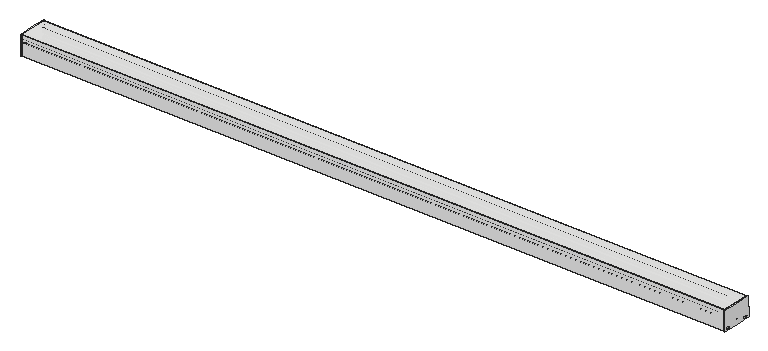
Revit family "S4930 updated", category Lighting Fixtures, host Face, Revit 2020
Family settings
  Host = Face
  Round Connector Dimension = Use Diameter
  Part Type = Normal
  Cut with Voids When Loaded = No
  Light Source = No
  Shared = Yes
  Room Calculation Point = No
Parameters (values of type "209 lm per FT & 3.0 W per FT- D2")
  Wattage Comments = "3W/FT"
  Warranty URL = "https://bllighting.com/terms-and-conditions/"
  W = 0.6700"
  Voltage = 24 V
  Version = "2020-v2.9"  # constant formula
  URL = "https://bllighting.com/"
  Support Phone = ""
  Support Email = ""
  Rdwn [instance] = rounddown(L1 / Increment)  # 24
  Profile Material = Alumnium Base Track
  Product Page URL = "https://bllighting.com/products/profile/s4930"
  Product Name = Model  # "D2"
  Product Documentation Link = "https://bllighting.com/wp-content/uploads/S4930-Specification.pdf"
  Power Source Type = "Driver"  # constant formula
  Power Factor = 1
  Phase = 1
  Operating Temperature = "Consult Manufacturer Website for more Information"  # constant formula
  Number of Poles = if(and(or(Voltage = 120 V, Voltage = 277 V), Phase = 1), 1, if(and(or(Voltage = 208 V, Voltage = 240 V), Phase = 1), 2, if(and(or(Voltage = 208 V, Voltage = 240 V), Phase = 3), 3, if(and(Voltage > 300 V, Phase = 1), 2, if(and(Voltage > 400 V, Phase = 3), 3, 1)))))  # 1
  Number of LED's = "36 Diodes/FT"
  No Of Source [instance] = rounddown(Actual Light Length / Increment)  # 24
  Mounting Method = "Surface Mount"  # constant formula
  Model = "D2"
  Max Input Current = "5A"
  Manufacturer Phone Number = "1-604-874-4405"  # constant formula
  Manufacturer Email = "info@bllighting.com"
  Manufacturer Address = "111 - 8838 Heatner St. Vancouver. BC, Canada. V6P 3S8"  # constant formula
  Manufacturer = "BL Lighting"  # constant formula
  Lumen Output = "209 lm/FT"
  Load Classification = Lighting
  Light Length [instance] = 48.0000"
  Lens Material = Polycarbonate Optic
  Lead 2 End Cap [instance] = 1 = 1  # yes
  Lead 1 End Cap [instance] = 1 = 1  # yes
  Lamp Life = "50,000 Hours"
  Lamp = "SMD 3528"
  LED strip = Strip
  LED finish = LED
  LED Tape Page URL = "https://bllighting.com/products/led-tape/d2"
  LED Tape Documentation link = "https://bllighting.com/wp-content/uploads/D2-Specification.pdf"
  L1 [instance] = if(Light Length < Increment, Increment, Light Length)  # 48.0000"
  Input Voltage = "24VDC"
  Initial Intensity Comments = "Refer LED Strip type for Lumen Value"  # constant formula
  Initial Color Comments = "Perfomance based on 3000K Photometric Web File"  # constant formula
  Increment = 1.9685"
  Housing Protection Rating = "Consult Manufacturer Website for more Information"  # constant formula
  Has Dimming = 1 = 1  # yes
  Has Battery Backup = 0 = 1  # no
  Frequency Comments = ""
  Frequency = 60 Hz
  Environment = "Indoor"  # constant formula
  Description = "Flexible, Linear LED Lighting"  # constant formula
  Default Elevation = 48.0000"
  DFD6 Watts [instance] = (6 W * Actual Light Length) / 12.0000"  # 23.622 W
  DFD6 Lumens [instance] = 94 lm/W * DFD6 Watts  # 2220.47 lm
  DFD6 = no
  DFD3 Watt [instance] = (4.4 W * Actual Light Length) / 12.0000"  # 17.3228 W
  DFD3 Lumens [instance] = 98 lm/W * DFD3 Watt  # 1697.63 lm
  DFD3 = no
  DFD2 Watt [instance] = (2.44 W * Actual Light Length) / 12.0000"  # 9.60628 W
  DFD2 Lumens [instance] = 100 lm/W * DFD2 Watt  # 960.628 lm
  DFD2 = no
  D6 Watts [instance] = (5.85 W * Actual Light Length) / 12.0000"  # 23.0314 W
  D6 Lumens [instance] = 109 lm/W * D2 Watt  # 1287.4 lm
  D6 = no
  D2 Watt [instance] = (3 W * Actual Light Length) / 12.0000"  # 11.811 W
  D2 Lumens [instance] = 70 lm/W * D2 Watt  # 826.77 lm
  D2 = yes
  Current Amps = 50 A
  Copyright = "©BL INNOVATIVE LIGHTING"  # constant formula
  Color Option Available = "2400K,2700K,3000K,3500K,4000K,5500K,RED,GREEN,BLUE,AMBER"
  built-in parameter 1114216 [instance] = 0  # (empty or 0)
  built-in parameter 1140040 [instance] = 1 = 1  # 1
  CCT = "2400K,2700K,3000K,3500K,4000K,5500K,RED,GREEN,BLUE,AMBER"
  Apparent Load = 120 VA
  Actual Light Length [instance] = Rdwn * Increment  # 47.2440"
Reference planes (in)
  plane 1 "Center (Front/Back)": y = 0
  plane 2: z = 0
  plane 3 "Center (Left/Right)": x = 0
  plane 4: x = 47.244
  plane 5: x = 1.9685
  plane 6: x = 23.622
  plane 7: x = 22.6499
  plane 8: x = 24.5941
  plane 9: x = 22.122
  plane 10: x = 25.122
  plane 11: x = 8
  plane 12: x = 11
  plane 13: x = 39.244
  plane 14: x = 36.244
  plane 15: y = 0.98425
  plane 16: y = -0.98425
  plane 17: z = 1.25984
  plane 18: y = 0.5
  plane 19: y = -0.5
Forms (in)
  Sweep 1, solid, material "Alumnium Base Track" <- "Profile Material"
    path origin (0, -18.35094, 0.25062) x (1, 0, 0) y (0, 1, 0)
      loop
        line (0, 18.35094) -> (47.244, 18.35094)
    profile origin (23.622, 0, 0.25062) x (0, 1, 0) y (0, 0, 1)
      loop
        line (0.98425, -0.25062) -> (0.98425, 1.00923) -> (0.94339, 1.00923) -> (0.94339, 0.97387) -> (0.86059, 0.97387) -> (0.86059, 0.84473) -> (0.94339, 0.79692) -> (0.94339, 0.56851) -> (0.91908, 0.5442) -> (0.77354, 0.5442) -> (0.77354, 0.44962)
        arc (0.77354, 0.44962) -> (0.79331, 0.42985) -> (0.81309, 0.44962) r 0.01978
        line (0.81309, 0.44962) -> (0.81309, 0.49976) -> (0.9368, 0.49976) -> (0.9368, 0.1142) -> (0.81161, 0.1142) -> (0.81161, 0.16982)
        arc (0.81161, 0.16982) -> (0.79106, 0.18322) -> (0.77051, 0.16982) r 0.02246
        line (0.77051, 0.16982) -> (0.77051, 0.07421) -> (0.79865, 0.0545)
        arc (0.79865, 0.0545) -> (0.82121, 0.04717) -> (0.84401, 0.05372) r 0.04055
        arc (0.84401, 0.05372) -> (0.89857, 0.03914) -> (0.87838, -0.01359) r 0.038
        line (0.87838, -0.01359) -> (0, -0.01359) -> (-0.87838, -0.01359)
        arc (-0.87838, -0.01359) -> (-0.89857, 0.03914) -> (-0.84401, 0.05372) r 0.038
        arc (-0.84401, 0.05372) -> (-0.82121, 0.04717) -> (-0.79865, 0.0545) r 0.04055
        line (-0.79865, 0.0545) -> (-0.77051, 0.07421) -> (-0.77051, 0.16982)
        arc (-0.77051, 0.16982) -> (-0.79106, 0.18322) -> (-0.81161, 0.16982) r 0.02246
        line (-0.81161, 0.16982) -> (-0.81161, 0.1142) -> (-0.9368, 0.1142) -> (-0.9368, 0.49976) -> (-0.81309, 0.49976) -> (-0.81309, 0.44962)
        arc (-0.81309, 0.44962) -> (-0.79331, 0.42985) -> (-0.77354, 0.44962) r 0.01978
        line (-0.77354, 0.44962) -> (-0.77354, 0.5442) -> (-0.91908, 0.5442) -> (-0.94339, 0.56851) -> (-0.94339, 0.79692) -> (-0.86059, 0.84473) -> (-0.86059, 0.97387) -> (-0.94339, 0.97387) -> (-0.94339, 1.00923) -> (-0.98425, 1.00923) -> (-0.98425, -0.25062) -> (-0.87015, -0.25062)
        arc (-0.87015, -0.25062) -> (-0.85869, -0.21543) -> (-0.87015, -0.18024) r 0.05976
        line (-0.87015, -0.18024) -> (-0.92481, -0.18024) -> (-0.92481, -0.05434) -> (-0.53993, -0.05434) -> (-0.53993, -0.18175) -> (-0.59127, -0.18175)
        arc (-0.59127, -0.18175) -> (-0.60161, -0.21618) -> (-0.59127, -0.25062) r 0.06251
        line (-0.59127, -0.25062) -> (-0.5137, -0.25062)
        arc (-0.5137, -0.25062) -> (-0.48807, -0.24) -> (-0.47745, -0.21437) r 0.03625
        line (-0.47745, -0.21437) -> (-0.47745, -0.05434) -> (-0.35422, -0.05434) -> (-0.35422, -0.1201) -> (-0.3816, -0.14748) -> (-0.34449, -0.22706) -> (-0.25254, -0.22706)
        arc (-0.25254, -0.22706) -> (-0.23834, -0.2038) -> (-0.25254, -0.18055) r 0.02615
        line (-0.25254, -0.18055) -> (-0.3094, -0.18055) -> (-0.3094, -0.05434) -> (0, -0.05434) -> (0.3094, -0.05434) -> (0.3094, -0.18055) -> (0.25254, -0.18055)
        arc (0.25254, -0.18055) -> (0.23834, -0.2038) -> (0.25254, -0.22706) r 0.02615
        line (0.25254, -0.22706) -> (0.34449, -0.22706) -> (0.3816, -0.14748) -> (0.35422, -0.1201) -> (0.35422, -0.05434) -> (0.47745, -0.05434) -> (0.47745, -0.21437)
        arc (0.47745, -0.21437) -> (0.48807, -0.24) -> (0.5137, -0.25062) r 0.03625
        line (0.5137, -0.25062) -> (0.59127, -0.25062)
        arc (0.59127, -0.25062) -> (0.60161, -0.21618) -> (0.59127, -0.18175) r 0.06251
        line (0.59127, -0.18175) -> (0.53993, -0.18175) -> (0.53993, -0.05434) -> (0.92481, -0.05434) -> (0.92481, -0.18024) -> (0.87015, -0.18024)
        arc (0.87015, -0.18024) -> (0.85869, -0.21543) -> (0.87015, -0.25062) r 0.05976
        line (0.87015, -0.25062) -> (0.98425, -0.25062)
  Sweep 2, solid, material "Polycarbonate Optic" <- "Lens Material"
    path origin (0, -18.35094, 0.64963) x (1, 0, 0) y (0, 1, 0)
      loop
        line (0, 18.35094) -> (47.244, 18.35094)
    profile origin (23.622, 0, 0.64963) x (0, 1, 0) y (0, 0, 1)
      loop
        line (0, 0.61021) -> (-0.94339, 0.61021) -> (-0.94339, 0.57485) -> (-0.86059, 0.57485) -> (-0.86059, 0.44572) -> (-0.91407, 0.41484) -> (-0.91407, 0.38191) -> (-0.82721, 0.26235)
        arc (-0.82721, 0.26235) -> (-0.79624, 0.25744) -> (-0.79133, 0.28841) r 0.02217
        line (-0.79133, 0.28841) -> (-0.85588, 0.38781) -> (-0.81553, 0.42817) -> (-0.81553, 0.55836) -> (-0.78697, 0.57485) -> (0, 0.57485) -> (0.78697, 0.57485) -> (0.81553, 0.55836) -> (0.81553, 0.42817) -> (0.85588, 0.38781) -> (0.79133, 0.28841)
        arc (0.79133, 0.28841) -> (0.79624, 0.25744) -> (0.82721, 0.26235) r 0.02217
        line (0.82721, 0.26235) -> (0.91407, 0.38191) -> (0.91407, 0.41484) -> (0.86059, 0.44572) -> (0.86059, 0.57485) -> (0.94339, 0.57485) -> (0.94339, 0.61021) -> (0, 0.61021)
Dimensions and locks (in)
  "Actual Light Length": plane 3 "Center (Left/Right)" to plane 4
  "Increment": plane 3 "Center (Left/Right)" to plane 5
  equal spacing: plane 3 "Center (Left/Right)", plane 6, plane 4
  equal spacing: plane 7, plane 6, plane 8
  locked: plane 9 to plane 6 at 1.5
  locked: plane 6 to plane 10 at 1.5
  locked: plane 11 to plane 3 "Center (Left/Right)" at 8
  plane 12 to plane 11 = 3.0000"
  locked: plane 4 to plane 13 at 8
  locked: plane 14 to plane 13 at 3
  locked: plane 15 to plane 16 at 1.9685
  locked: plane 17 to plane 2 at 1.25984
  plane 18 to plane 1 "Center (Front/Back)" to plane 19 = 0.5000" locked, 0.5000" locked
  aligned and locked: host face to plane 2
  aligned and locked: host face to level
  aligned and locked: plane 3 "Center (Left/Right)" to Sweep 1 sketch curve
  aligned and locked: plane 4 to Sweep 1 sketch curve
  aligned and locked: plane 4 to Sweep 2 sketch curve
  aligned and locked: plane 3 "Center (Left/Right)" to Sweep 2 sketch curve
  aligned and locked: plane 1 "Center (Front/Back)" to nested 1
  aligned and locked: Sweep 1 to plane 2
  aligned and locked: plane 3 "Center (Left/Right)" to nested 1
  aligned and locked: plane 4 to nested 3
  aligned and locked: plane 2 to nested 3
  aligned and locked: nested 4 to plane 18
  aligned and locked: nested 4 to Sweep 1
  aligned and locked: plane 19 to nested 5
  aligned and locked: nested 5 to Sweep 1
  aligned and locked: plane 3 "Center (Left/Right)" to nested 5
  aligned and locked: plane 3 "Center (Left/Right)" to nested 4
  aligned and locked: nested 6 to plane 18
  aligned and locked: nested 6 to Sweep 1
  aligned and locked: plane 19 to nested 7
  aligned and locked: nested 7 to Sweep 1
  aligned and locked: plane 3 "Center (Left/Right)" to nested 7
  aligned and locked: plane 3 "Center (Left/Right)" to nested 6
  aligned and locked: nested 8 to plane 18
  aligned and locked: nested 8 to Sweep 1
  aligned and locked: plane 19 to nested 9
  aligned and locked: nested 9 to Sweep 1
  aligned and locked: plane 3 "Center (Left/Right)" to nested 9
  aligned and locked: plane 3 "Center (Left/Right)" to nested 8
  aligned and locked: nested 10 to plane 18
  aligned and locked: nested 10 to Sweep 1
  aligned and locked: plane 19 to nested 11
  aligned and locked: nested 11 to Sweep 1
  aligned and locked: plane 3 "Center (Left/Right)" to nested 11
  aligned and locked: plane 3 "Center (Left/Right)" to nested 10
  aligned and locked: nested 12 to plane 18
  aligned and locked: nested 12 to Sweep 1
  aligned and locked: plane 19 to nested 13
  aligned and locked: nested 13 to Sweep 1
  aligned and locked: plane 3 "Center (Left/Right)" to nested 13
  aligned and locked: plane 3 "Center (Left/Right)" to nested 12
  aligned and locked: plane 18 to nested 14
  aligned and locked: plane 19 to nested 15
  aligned and locked: plane 18 to nested 16
  aligned and locked: plane 19 to nested 17
  aligned and locked: plane 18 to nested 2
  aligned and locked: plane 19 to nested 18
  aligned and locked: plane 18 to nested 20
  aligned and locked: plane 19 to nested 19
  aligned and locked: plane 18 to nested 21
  aligned and locked: plane 19 to nested 22
Automatic sketch dimensions
  host sketch curve to host sketch curve = 138.68247"
  host sketch curve to host sketch curve = 96.0000"
  plane 1 "Center (Front/Back)" to Sweep 1 sketch curve = 0.0000"
  plane 1 "Center (Front/Back)" to Sweep 2 sketch curve = 0.0000"
  Sweep 1 sketch curve to profile plane = 0.0000"  (x2)
  profile plane to Sweep 1 sketch curve = 0.25254"
  Sweep 1 sketch curve to Sweep 1 sketch curve = 0.0000"  (x5)
  Sweep 1 sketch curve to Sweep 1 sketch curve = 0.01195"  (x2)
  Sweep 1 sketch curve to Sweep 1 sketch curve = 0.04491"  (x2)
  Sweep 1 sketch curve to profile plane = 0.22706"  (x2)
  Sweep 1 sketch curve to Sweep 1 sketch curve = 0.03509"  (x2)
  Sweep 1 sketch curve to Sweep 1 sketch curve = 0.04482"  (x2)
  Sweep 1 sketch curve to profile plane = 0.14748"  (x2)
  Sweep 1 sketch curve to Sweep 1 sketch curve = 0.02738"  (x4)
  Sweep 1 sketch curve to Sweep 1 sketch curve = 0.09586"
  Sweep 1 sketch curve to Sweep 1 sketch curve = 0.03625"  (x2)
  Sweep 1 sketch curve to Sweep 1 sketch curve = 0.02541"  (x2)
  Sweep 1 sketch curve to Sweep 1 sketch curve = 0.06248"
  Sweep 1 sketch curve to Sweep 1 sketch curve = 0.05217"  (x2)
  Sweep 1 sketch curve to Sweep 1 sketch curve = 0.05134"  (x2)
  profile plane to Sweep 1 sketch curve = 0.07421"
  Sweep 1 sketch curve to Sweep 1 sketch curve = 0.23058"  (x2)
  Sweep 1 sketch curve to Sweep 1 sketch curve = 0.00303"  (x2)
  Sweep 1 sketch curve to Sweep 1 sketch curve = 0.02055"  (x4)
  Sweep 1 sketch curve to Sweep 1 sketch curve = 0.01978"  (x2)
  profile plane to Sweep 1 sketch curve = 0.0545"  (x2)
  Sweep 1 sketch curve to Sweep 1 sketch curve = 0.02814"  (x2)
  Sweep 1 sketch curve to Sweep 1 sketch curve = 0.0103"  (x2)
  Sweep 1 sketch curve to Sweep 1 sketch curve = 0.08705"  (x2)
  profile plane to Sweep 1 sketch curve = 0.02187"  (x2)
  Sweep 1 sketch curve to Sweep 1 sketch curve = 0.06607"  (x2)
  Sweep 1 sketch curve to Sweep 1 sketch curve = 0.00542"  (x2)
  Sweep 1 sketch curve to profile plane = 0.01359"
  Sweep 1 sketch curve to Sweep 1 sketch curve = 0.01365"  (x2)
  Sweep 1 sketch curve to Sweep 1 sketch curve = 0.0483"  (x2)
  Sweep 1 sketch curve to Sweep 1 sketch curve = 0.1060"  (x2)
  Sweep 1 sketch curve to Sweep 1 sketch curve = 0.04643"
  Sweep 1 sketch curve to Sweep 1 sketch curve = 0.07207"
  Sweep 1 sketch curve to Sweep 1 sketch curve = 0.08281"  (x3)
  Sweep 1 sketch curve to Sweep 1 sketch curve = 0.02431"  (x3)
  Sweep 1 sketch curve to Sweep 1 sketch curve = 0.0658"
  Sweep 1 sketch curve to profile plane = 0.25254"
  Sweep 1 sketch curve to profile plane = 0.05434"  (x4)
  Sweep 1 sketch curve to Sweep 1 sketch curve = 0.12323"
  Sweep 1 sketch curve to Sweep 1 sketch curve = 0.00083"
  Sweep 1 sketch curve to Sweep 1 sketch curve = 0.00635"
  Sweep 1 sketch curve to Sweep 1 sketch curve = 0.01771"
  Sweep 1 sketch curve to Sweep 1 sketch curve = 0.04086"
  Sweep 1 sketch curve to profile plane = 0.25062"  (x2)
  Sweep 1 sketch curve to Sweep 1 sketch curve = 0.19628"
  Sweep 1 sketch curve to Sweep 1 sketch curve = 0.10314"
  Sweep 1 sketch curve to Sweep 1 sketch curve = 0.00181"  (x2)
  Sweep 1 sketch curve to Sweep 1 sketch curve = 0.03519"  (x2)
  Sweep 1 sketch curve to Sweep 1 sketch curve = 0.02326"  (x2)
  Sweep 1 sketch curve to Sweep 1 sketch curve = 0.01971"
  Sweep 1 sketch curve to Sweep 1 sketch curve = 0.03322"  (x2)
  Sweep 1 sketch curve to Sweep 1 sketch curve = 0.06048"
  Sweep 1 sketch curve to Sweep 1 sketch curve = 0.02648"
  Sweep 1 sketch curve to Sweep 1 sketch curve = 0.04655"  (x2)
  Sweep 1 sketch curve to Sweep 1 sketch curve = 0.00906"  (x2)
  Sweep 1 sketch curve to Sweep 1 sketch curve = 0.2798"  (x2)
  Sweep 1 sketch curve to Sweep 1 sketch curve = 0.05014"  (x2)
  Sweep 1 sketch curve to Sweep 1 sketch curve = 0.04443"  (x2)
  Sweep 1 sketch curve to Sweep 1 sketch curve = 0.22842"  (x2)
  Sweep 1 sketch curve to Sweep 1 sketch curve = 0.04781"  (x2)
  Sweep 1 sketch curve to Sweep 1 sketch curve = 0.12913"  (x2)
  Sweep 1 sketch curve to Sweep 1 sketch curve = 0.03536"  (x2)
  Sweep 2 sketch curve to profile plane = 0.0000"  (x2)
  profile plane to Sweep 2 sketch curve = 0.78697"
  profile plane to Sweep 2 sketch curve = 0.28841"  (x2)
  Sweep 2 sketch curve to Sweep 2 sketch curve = 0.00436"  (x2)
  Sweep 2 sketch curve to Sweep 2 sketch curve = 0.01794"  (x4)
  Sweep 2 sketch curve to Sweep 2 sketch curve = 0.0242"
  profile plane to Sweep 2 sketch curve = 0.26235"  (x2)
  profile plane to Sweep 2 sketch curve = 0.38781"  (x2)
  Sweep 2 sketch curve to Sweep 2 sketch curve = 0.04035"  (x4)
  Sweep 2 sketch curve to Sweep 2 sketch curve = 0.04506"  (x2)
  Sweep 2 sketch curve to Sweep 2 sketch curve = 0.05819"
  Sweep 2 sketch curve to Sweep 2 sketch curve = 0.08281"  (x2)
  Sweep 2 sketch curve to profile plane = 0.78697"
  Sweep 2 sketch curve to Sweep 2 sketch curve = 0.02856"
  profile plane to Sweep 2 sketch curve = 0.41484"
  Sweep 2 sketch curve to Sweep 2 sketch curve = 0.05349"
  Sweep 2 sketch curve to Sweep 2 sketch curve = 0.03293"  (x2)
  Sweep 2 sketch curve to Sweep 2 sketch curve = 0.0059"
  Sweep 2 sketch curve to Sweep 2 sketch curve = 0.01755"  (x2)
  Sweep 2 sketch curve to Sweep 2 sketch curve = 0.11265"  (x2)
  Sweep 2 sketch curve to Sweep 2 sketch curve = 0.01649"  (x2)
  profile plane to Sweep 2 sketch curve = 0.57485"
  Sweep 2 sketch curve to Sweep 2 sketch curve = 0.03536"
Nested families (in)
  nested 1: "LEFT END CAP" at (-0.07087, 0, 0), Profile Material <- "Profile Material", visible <- "Lead 1 End Cap", type "LEFT END CAP"
    with Profile Material Alumnium Base Track
  nested 2: "Dot Free D2 3000K LED Tape" at (0.86, 0.5, 0.04109), visible <- "DFD2", Length <- "Actual Light Length", No of Source <- "No Of Source", Source Size <- "Increment", type "Dot Free D2 3000K LED Tape"
    with Source Size 1.9685", No of Source 24, Length 47.2440", DFD2_1 no, DFD2 yes, Actual No Of Source 24
  nested 3: "LEFT END CAP" at (47.31487, 0, 0) x (-1, 0, 0) z (0, 0, 1), Profile Material <- "Profile Material", visible <- "Lead 2 End Cap", type "LEFT END CAP"
    with Profile Material Alumnium Base Track
  nested 4: "D2_3000K" at (0, -17.85094, 0.29702), visible <- "D2", Light Length <- "Light Length", type "D2"
    with Watt 11.811 W, Rdwn 24, No of Source 24, Lumens 826.77 lm, Light source Placement 23.6220", Light Length 48.0000", L1 48.0000", Cutting Increment 1.9685", BL flexFORM D2_1 no, BL flexFORM D2 yes, Actual No of Source 24, Actual Light Length 47.2440"
  nested 5: "D2_3000K" at (0, -18.85094, 0.29702), visible <- "D2", Light Length <- "Light Length", type "D2"
    with Watt 11.811 W, Rdwn 24, No of Source 24, Lumens 826.77 lm, Light source Placement 23.6220", Light Length 48.0000", L1 48.0000", Cutting Increment 1.9685", BL flexFORM D2_1 no, BL flexFORM D2 yes, Actual No of Source 24, Actual Light Length 47.2440"
  nested 6: "D6_3000K" at (0, -17.85094, 0.29702), visible <- "D6", Light Length <- "Light Length", type "D6"
    with Watt 23.0314 W, Rdwn 24, No of Source 24, Lumens 2510.43 lm, Light source Placement 23.6220", Light Length 48.0000", L1 48.0000", D6_1 no, D6 yes, Cutting Increment 1.9685", Actual No Of Source 24, Actual Light Length 47.2440"
  nested 7: "D6_3000K" at (0, -18.85094, 0.29702), visible <- "D6", Light Length <- "Light Length", type "D6"
    with Watt 23.0314 W, Rdwn 24, No of Source 24, Lumens 2510.43 lm, Light source Placement 23.6220", Light Length 48.0000", L1 48.0000", D6_1 no, D6 yes, Cutting Increment 1.9685", Actual No Of Source 24, Actual Light Length 47.2440"
  nested 8: "DFD2_3000K" at (0, -17.85094, 0.23702), visible <- "DFD2", Light Length <- "Light Length", type "DFD2_3000K"
    with Watt 9.60628 W, Rdwn 24, No of Source 24, Lumens 960.628 lm, Light source Placement 23.6220", Light Length 48.0000", L1 48.0000", DFD2_1 no, DFD2 yes, Cutting Increment 1.9685", Actual No Of Source 24, Actual Light Length 47.2440"
  nested 9: "DFD2_3000K" at (0, -18.85094, 0.23702), visible <- "DFD2", Light Length <- "Light Length", type "DFD2_3000K"
    with Watt 9.60628 W, Rdwn 24, No of Source 24, Lumens 960.628 lm, Light source Placement 23.6220", Light Length 48.0000", L1 48.0000", DFD2_1 no, DFD2 yes, Cutting Increment 1.9685", Actual No Of Source 24, Actual Light Length 47.2440"
  nested 10: "DFD3_3000K" at (0, -17.85094, 0.23702), Light Length <- "Light Length", visible <- "DFD3", type "DFD3"
    with Watt 17.3228 W, Rdwn 24, No of Source 24, Lumens 1697.63 lm, Light source Placement 23.6220", Light Length 48.0000", L1 48.0000", Cutting Increment 1.9685", BL flexFORM Dot-Free D3_1 no, BL flexFORM Dot-Free D3 yes, Actual No Of Source 24, Actual Light Length 47.2440"
  nested 11: "DFD3_3000K" at (0, -18.85094, 0.23702), visible <- "DFD3", Light Length <- "Light Length", type "DFD3"
    with Watt 17.3228 W, Rdwn 24, No of Source 24, Lumens 1697.63 lm, Light source Placement 23.6220", Light Length 48.0000", L1 48.0000", Cutting Increment 1.9685", BL flexFORM Dot-Free D3_1 no, BL flexFORM Dot-Free D3 yes, Actual No Of Source 24, Actual Light Length 47.2440"
  nested 12: "DFD6_2700K" at (0, -17.85094, 0.23702), visible <- "DFD6", Light Length <- "Light Length", type "DFD6"
    with Watt 23.622 W, Rdwn 24, No of Source 24, Lumens 2220.47 lm, Light source Placement 23.6220", Light Length 48.0000", L1 48.0000", DFD6_1 no, DFD6 yes, Cutting Increment 1.9685", Actual No Of Source 24, Actual Light Length 47.2440"
  nested 13: "DFD6_2700K" at (0, -18.85094, 0.23702), visible <- "DFD6", Light Length <- "Light Length", type "DFD6"
    with Watt 23.622 W, Rdwn 24, No of Source 24, Lumens 2220.47 lm, Light source Placement 23.6220", Light Length 48.0000", L1 48.0000", DFD6_1 no, DFD6 yes, Cutting Increment 1.9685", Actual No Of Source 24, Actual Light Length 47.2440"
  nested 14: "D2 3000K LED Tape" at (1.69515, 0.5, -53.36516), visible <- "D2", Length <- "Actual Light Length", No of Source <- "No Of Source", Source Size <- "Increment", type "D2 3000K LED Tape"
    with Source Size 1.9685", No of Source 24, Length 47.2440", D2 3000k_1 no, D2 3000K yes, Actual No Of Source 24
  nested 15: "D2 3000K LED Tape" at (1.73117, -0.5, -53.36516), visible <- "D2", Length <- "Actual Light Length", No of Source <- "No Of Source", Source Size <- "Increment", type "D2 3000K LED Tape"
    with Source Size 1.9685", No of Source 24, Length 47.2440", D2 3000k_1 no, D2 3000K yes, Actual No Of Source 24
  nested 16: "D6_3000K LED Tape" at (-0.22927, 0.5, -53.67766), visible <- "D6", Length <- "Actual Light Length", No of Source <- "No Of Source", Source Size <- "Increment", type "D6_3000K LED Tape"
    with Source Size 1.9685", No of Source 24, Length 47.2440", D6_1 no, D6 yes, Actual No Of Source 24
  nested 17: "D6_3000K LED Tape" at (-0.54743, -0.5, -53.64641), Length <- "Actual Light Length", No of Source <- "No Of Source", visible <- "D6", Source Size <- "Increment", type "D6_3000K LED Tape"
    with Source Size 1.9685", No of Source 24, Length 47.2440", D6_1 no, D6 yes, Actual No Of Source 24
  nested 18: "Dot Free D2 3000K LED Tape" at (0.79491, -0.5, 0.04109), Length <- "Actual Light Length", No of Source <- "No Of Source", visible <- "DFD2", Source Size <- "Increment", type "Dot Free D2 3000K LED Tape"
    with Source Size 1.9685", No of Source 24, Length 47.2440", DFD2_1 no, DFD2 yes, Actual No Of Source 24
  nested 19: "Dot Free D3 3000K LED Tape" at (1.20736, -0.5, 0.02547), visible <- "DFD3", Length <- "Actual Light Length", No of Source <- "No Of Source", Source Size <- "Increment", type "Dot Free D3 3000K LED Tape"
    with Source Size 1.9685", No of Source 24, Length 47.2440", DFD3_1 no, DFD3 yes, Actual No Of Source 24
  nested 20: "Dot Free D3 3000K LED Tape" at (1.60233, 0.5, 0.04109), visible <- "DFD3", Length <- "Actual Light Length", No of Source <- "No Of Source", Source Size <- "Increment", type "Dot Free D3 3000K LED Tape"
    with Source Size 1.9685", No of Source 24, Length 47.2440", DFD3_1 no, DFD3 yes, Actual No Of Source 24
  nested 21: "DFD6 2700K LED Tape" at (0.45924, 0.5, 0.75984), visible <- "DFD6", Length <- "Actual Light Length", No of Source <- "No Of Source", Source Size <- "Increment", type "DFD6 2700K LED Tape"
    with Source Size 1.9685", No of Source 24, Length 47.2440", DFD6_1 no, DFD6 yes, Actual No Of Source 24
  nested 22: "DFD6 2700K LED Tape" at (1.29614, -0.5, 0.82234), visible <- "DFD6", Length <- "Actual Light Length", No of Source <- "No Of Source", Source Size <- "Increment", type "DFD6 2700K LED Tape"
    with Source Size 1.9685", No of Source 24, Length 47.2440", DFD6_1 no, DFD6 yes, Actual No Of Source 24
Connectors (in)
  electrical at (0, -0.25254, 0.02355), driven by "Number of Poles", driven by "Load Classification", driven by "Voltage", driven by "Apparent Load", driven by "Power Factor"
    settings: on Sweep 1, index 1, voltage 24 V, apparent load 120 VA, apparent load phase1 0 VA, apparent load phase2 0 VA, apparent load phase3 0 VA, power factor 1, load classification "Lighting", number of poles 1, system type 30, power factor state 1, is connector primary yes, connector utility no, sub classification motor no, connector description ""
Definition of nested family "LEFT END CAP"
  Parameters (values of type "LEFT END CAP")
    Profile Material [instance] = none
    Default Elevation = 0.0000"
  Reference planes (in)
    plane 1 "Center (Front/Back)": y = 0
    plane 2: z = 0
    plane 3 "Center (Left/Right)": x = 0
    plane 4: y = -0.98425
    plane 5: y = 0.98425
    plane 6: z = 1.25984
    plane 7: x = 0.07087
    plane 8: x = 0.3937
  Forms (in)
    Extrusion 1, solid, material <- "Profile Material"
      sketch origin (0, 0, 0) x (0, 1, 0) y (0, 0, 1)
        loop
          line (0, 1.25984) -> (-0.98425, 1.25984) -> (-0.98425, 0) -> (-0.86343, 0) -> (-0.86343, 0.04583)
          arc (-0.86343, 0.04583) -> (-0.87197, 0.06643) -> (-0.89257, 0.07497) r 0.02913
          line (-0.89257, 0.07497) -> (-0.92643, 0.07497) -> (-0.92643, 0.16704)
          arc (-0.92643, 0.16704) -> (-0.91794, 0.18753) -> (-0.89745, 0.19602) r 0.02898
          line (-0.89745, 0.19602) -> (-0.53273, 0.19602) -> (-0.53273, 0.07497) -> (-0.57119, 0.07497)
          arc (-0.57119, 0.07497) -> (-0.5918, 0.06643) -> (-0.60033, 0.04583) r 0.02913
          line (-0.60033, 0.04583) -> (-0.60033, 0) -> (0, 0) -> (0.60033, 0) -> (0.60033, 0.04583)
          arc (0.60033, 0.04583) -> (0.5918, 0.06643) -> (0.57119, 0.07497) r 0.02913
          line (0.57119, 0.07497) -> (0.53273, 0.07497) -> (0.53273, 0.19602) -> (0.89745, 0.19602)
          arc (0.89745, 0.19602) -> (0.91794, 0.18753) -> (0.92643, 0.16704) r 0.02898
          line (0.92643, 0.16704) -> (0.92643, 0.07497) -> (0.89257, 0.07497)
          arc (0.89257, 0.07497) -> (0.87197, 0.06643) -> (0.86343, 0.04583) r 0.02913
          line (0.86343, 0.04583) -> (0.86343, 0) -> (0.98425, 0) -> (0.98425, 1.25984) -> (0, 1.25984)
        loop
          line (0, 0.39241) -> (-0.03631, 0.39241)
          arc (-0.03631, 0.39241) -> (-0.10183, 0.32688) -> (-0.03631, 0.26136) r 0.06552
          line (-0.03631, 0.26136) -> (0.03631, 0.26136)
          arc (0.03631, 0.26136) -> (0.10183, 0.32688) -> (0.03631, 0.39241) r 0.06552
          line (0.03631, 0.39241) -> (0, 0.39241)
      from 0 to 0.07087
    Extrusion 2, solid, material <- "Profile Material"
      sketch origin (0, 0, 0) x (0, 1, 0) y (0, 0, 1)
        loop
          line (0.81626, 0.74637) -> (0.81626, 0.7062) -> (0.89549, 0.7062) -> (0.89549, 0.40581) -> (0.816, 0.40581) -> (0.816, 0.36822) -> (0.93581, 0.36822) -> (0.93581, 0.74637) -> (0.81626, 0.74637)
        loop
          line (-0.81626, 0.74637) -> (-0.93581, 0.74637) -> (-0.93581, 0.36822) -> (-0.816, 0.36822) -> (-0.816, 0.40581) -> (-0.89549, 0.40581) -> (-0.89549, 0.7062) -> (-0.81626, 0.7062) -> (-0.81626, 0.74637)
      from 0.07087 to 0.3937
  Dimensions and locks (in)
    locked: plane 5 to plane 4 at 1.9685
    locked: plane 6 to plane 2 at 1.25984
    locked: plane 3 "Center (Left/Right)" to plane 7 at 0.07087
    locked: plane 3 "Center (Left/Right)" to plane 8 at 0.3937
    aligned and locked: plane 2 to level
    aligned and locked: plane 7 to Extrusion 1
    aligned and locked: plane 8 to Extrusion 2
    aligned and locked: Extrusion 2 to Extrusion 1
Definition of nested family "D2_3000K"
  Parameters (values of type "D2")
    Wattage Comments = "3.0 W/FT"
    Warranty URL = ""
    Voltage Comments = ""
    Version = "2020-v2.9"  # constant formula
    URL = ""
    Strip = none
    Product Page URL = ""
    Product Name = "D2"  # constant formula
    Product Documentation Link = ""
    No of Source [instance] = rounddown(Actual Light Length / Cutting Increment)  # 1
    Model = ""
    Manufacturer Phone Number = "1-604-874-4405"  # constant formula
    Manufacturer Email = ""
    Manufacturer Address = "111 - 8838 Heatner St. Vancouver. BC, Canada. V6P 3S8"  # constant formula
    Manufacturer = "BL Lighting"  # constant formula
    Lumen Output = "209 lm/FT"
    Lens Material = none
    Lamp Life = "50,000 Hours"
    LED = none
    Instruction Sheet Link = ""
    Finish = none
    Description = "Flexible,Linear LED Strip Lighting"  # constant formula
    Default Elevation = 0.0000"
    D = 0.0600"
    Copyright = "©BL INNOVATIVE LIGHTING"  # constant formula
    BL flexFORM D2_1 [instance] = not(BL flexFORM D2)  # yes
    BL flexFORM D2 [instance] = if(No of Source < 2, 1 = 0, 1 = 1)  # no
    Actual No of Source [instance] = if(No of Source < 2, 2, No of Source)  # 2
    Actual Light Length [instance] = Rdwn * Cutting Increment  # 1.9685"
    Watt [instance] = (3 W * Actual Light Length) / 12.0000"  # 0.492125 W
    Lamp = "LED,SMD 3528"
    Cutting Increment [instance] = 1.9685"  # constant formula
    Rdwn [instance] = rounddown(L1 / Cutting Increment)  # 1
    Lumens [instance] = 70 lm/W * Watt  # 34.4487 lm
    Light source Placement [instance] = Actual Light Length / 2  # 0.98425"
    Light Length [instance] = 1.0000"
    L1 [instance] = if(Light Length < Cutting Increment, Cutting Increment, Light Length)  # 1.9685"
    A = 0.3100"
  Reference planes (in)
    plane 1 "Center (Front/Back)": y = 0
    plane 2: z = 0
    plane 3 "Center (Left/Right)": x = 0
    plane 4: x = 1.9685
    plane 5: y = 18.35094
    plane 6: x = 0.98425
    plane 7: z = -0.33465
    plane 8: y = 18.50594
    plane 9: y = 18.19594
    plane 10: x = 1.9685
    plane 11: z = -0.06
  Dimensions and locks (in)
    "Actual Light Length": plane 4 to plane 3 "Center (Left/Right)"
    "Actual Light Length": plane 3 "Center (Left/Right)" to plane 4
    plane 6 to plane 4 = 0.98425"
    "Light source Placement": plane 6 to plane 4
    locked: plane 1 "Center (Front/Back)" to plane 5 at 18.35094
    locked: level to plane 7 at 0.33465
    "A": plane 8 to plane 9
    equal spacing: plane 8, plane 5, plane 9
    "Cutting Increment": plane 3 "Center (Left/Right)" to plane 10
    "D": level to plane 11
    group 1 to group 2 = 1.9685"
    group 1 to group 2 = 0.0000"  (x2)
    aligned and locked: level to plane 2
    aligned and locked: nested 1 to plane 5
    aligned and locked: plane 3 "Center (Left/Right)" to nested 1
    aligned and locked: plane 10 to nested 2
    aligned and locked: nested 2 to plane 11
    aligned and locked: nested 3 to plane 5
    aligned and locked: nested 3 to plane 3 "Center (Left/Right)"
    aligned and locked: nested 3 to plane 11
  Nested families (in)
    nested 1: "Increment strip" at (0, 18.35094, 0), Increment <- "Cutting Increment", LED <- "LED", Strip <- "Strip", Width <- "A", Height <- "D", visible <- "BL flexFORM D2", BL flexFORM D2 <- "BL flexFORM D2", type "Increment strip"
      with Width 0.3100", Strip none, LED none, Increment 1.9685", Height 0.0600", BL flexFORM D2 no
    nested 2: "Increment strip" at (1.9685, 18.35094, 0), Increment <- "Cutting Increment", LED <- "LED", Strip <- "Strip", Width <- "A", Height <- "D", visible <- "BL flexFORM D2", BL flexFORM D2 <- "BL flexFORM D2", type "Increment strip"
      with Width 0.3100", Strip none, LED none, Increment 1.9685", Height 0.0600", BL flexFORM D2 no
    nested 3: "Increment strip" at (0, 18.35094, 0), Height <- "D", Increment <- "Cutting Increment", Width <- "A", LED <- "LED", Strip <- "Strip", visible <- "BL flexFORM D2_1", BL flexFORM D2 <- "BL flexFORM D2_1", type "Increment strip"
      with Width 0.3100", Strip none, LED none, Increment 1.9685", Height 0.0600", BL flexFORM D2 yes
  Definition of nested family "Increment strip"
    Parameters (values of type "Increment strip")
      Width [instance] = 0.30859"
      Strip [instance] = none
      LED [instance] = none
      Increment [instance] = 1.96094"
      Height [instance] = 0.05859"
      Default Elevation = 0.0000"
      BL flexFORM D2 [instance] = yes
    Reference planes (in)
      plane 1 "Center (Front/Back)": y = 0
      plane 2: z = 0
      plane 3 "Center (Left/Right)": x = 0
      plane 4: x = 1.96094
      plane 5: y = -0.1543
      plane 6: y = 0.1543
      plane 7: z = -0.05859
      plane 8: x = 0.15625
      plane 9: x = 1.78125
      plane 10: y = 0.29944
    Forms (in)
      Sweep 1, solid, material <- "Strip", visible <- "BL flexFORM D2"
        path origin (0, 0, 0) x (1, 0, 0) y (0, 1, 0)
          loop
            line (1.96094, 0) -> (0, 0)
        profile origin (0.98047, 0, 0) x (0, -1, 0) y (0, 0, 1)
          loop
            line (-0.1543, -0.02648) -> (-0.1543, -0.05859) -> (0.1543, -0.05859) -> (0.1543, -0.02648) -> (-0.1543, -0.02648)
      Extrusion 2, solid, material <- "LED", visible <- "BL flexFORM D2"
        sketch origin (0.33071, 0, 0.03211) x (1, 0, 0) y (0, 1, 0)
          loop
            line (0.11688, 0.03937) -> (0.11688, -0.03937) -> (0.19562, -0.03937) -> (0.19562, 0.03937) -> (0.11688, 0.03937)
        from -0.05859 to -0.03211
      Extrusion 3, solid, material <- "LED", visible <- "BL flexFORM D2"
        sketch origin (0, 0, 0.03211) x (1, 0, 0) y (0, 1, 0)
          loop
            line (0.11688, 0.03937) -> (0.11688, -0.03937) -> (0.19562, -0.03937) -> (0.19562, 0.03937) -> (0.11688, 0.03937)
        from -0.05859 to -0.03211
      Extrusion 4, solid, material <- "LED", visible <- "BL flexFORM D2"
        sketch origin (0.66142, 0, 0.03211) x (1, 0, 0) y (0, 1, 0)
          loop
            line (0.11688, 0.03937) -> (0.11688, -0.03937) -> (0.19562, -0.03937) -> (0.19562, 0.03937) -> (0.11688, 0.03937)
        from -0.05859 to -0.03211
      Extrusion 5, solid, material <- "LED", visible <- "BL flexFORM D2"
        sketch origin (0.96358, 0, 0.03211) x (1, 0, 0) y (0, 1, 0)
          loop
            line (0.11688, 0.03937) -> (0.11688, -0.03937) -> (0.19562, -0.03937) -> (0.19562, 0.03937) -> (0.11688, 0.03937)
        from -0.05859 to -0.03211
      Extrusion 6, solid, material <- "LED", visible <- "BL flexFORM D2"
        sketch origin (1.29429, 0, 0.03211) x (1, 0, 0) y (0, 1, 0)
          loop
            line (0.11688, 0.03937) -> (0.11688, -0.03937) -> (0.19562, -0.03937) -> (0.19562, 0.03937) -> (0.11688, 0.03937)
        from -0.05859 to -0.03211
      Extrusion 7, solid, material <- "LED", visible <- "BL flexFORM D2"
        sketch origin (1.625, 0, 0.03211) x (1, 0, 0) y (0, 1, 0)
          loop
            line (0.11688, 0.03937) -> (0.11688, -0.03937) -> (0.19562, -0.03937) -> (0.19562, 0.03937) -> (0.11688, 0.03937)
        from -0.05859 to -0.03211
    Dimensions and locks (in)
      "Increment": plane 3 "Center (Left/Right)" to plane 4
      equal spacing: plane 5, plane 1 "Center (Front/Back)", plane 6
      "Width": plane 5 to plane 6
      "Height": level to plane 7
      locked: Extrusion 2 sketch curve to Extrusion 2 sketch curve at 0.07874  (x2)
      locked: Extrusion 3 sketch curve to Extrusion 3 sketch curve at 0.07874  (x2)
      locked: Extrusion 4 sketch curve to Extrusion 4 sketch curve at 0.07874  (x2)
      locked: Extrusion 5 sketch curve to Extrusion 5 sketch curve at 0.07874  (x2)
      locked: Extrusion 6 sketch curve to Extrusion 6 sketch curve at 0.07874  (x2)
      locked: Extrusion 7 sketch curve to Extrusion 7 sketch curve at 0.07874  (x2)
      aligned and locked: plane 2 to level
      aligned and locked: Sweep 1 sketch curve to plane 1 "Center (Front/Back)"
      aligned and locked: plane 3 "Center (Left/Right)" to Sweep 1 sketch curve
      aligned and locked: plane 4 to Sweep 1 sketch curve
      aligned and locked: Sweep 1 sketch curve to plane 5
      aligned and locked: plane 6 to Sweep 1 sketch curve
      aligned and locked: Sweep 1 to plane 7
      aligned and locked: Extrusion 3 to Sweep 1
      aligned and locked: Extrusion 2 to Sweep 1
      aligned and locked: Extrusion 4 to Sweep 1
      aligned and locked: Extrusion 5 to Sweep 1
      aligned and locked: Extrusion 6 to Sweep 1
      aligned and locked: Extrusion 7 to Sweep 1
    Automatic sketch dimensions
      Sweep 1 sketch curve to level = 0.05859"
      Sweep 1 sketch curve to level = 0.02648"
      Extrusion 2 sketch curve to plane 1 "Center (Front/Back)" = 0.03937"
      plane 8 to Extrusion 2 sketch curve = 0.29134"
      Extrusion 3 sketch curve to plane 8 = 0.03937"
      plane 1 "Center (Front/Back)" to Extrusion 3 sketch curve = 0.03937"
      Extrusion 4 sketch curve to plane 1 "Center (Front/Back)" = 0.03937"
      plane 8 to Extrusion 4 sketch curve = 0.62205"
      Extrusion 5 sketch curve to plane 1 "Center (Front/Back)" = 0.03937"
      Extrusion 5 sketch curve to plane 9 = 0.70079"
      Extrusion 6 sketch curve to plane 1 "Center (Front/Back)" = 0.03937"
      Extrusion 6 sketch curve to plane 9 = 0.37008"
      Extrusion 7 sketch curve to plane 9 = 0.03937"
      plane 1 "Center (Front/Back)" to Extrusion 7 sketch curve = 0.03937"
Definition of nested family "D6_3000K"
  Parameters (values of type "D6")
    Wattage Comments = "5.85 W/FT"
    Watt [instance] = (5.85 W * Actual Light Length) / 12.0000"  # 11.5157 W
    Warranty URL = "https://bllighting.com/terms-and-conditions/"
    Voltage Comments = ""
    Version = "2020-v2.9"  # constant formula
    URL = "https://bllighting.com/"
    Strip = none
    Rdwn [instance] = rounddown(L1 / Cutting Increment)  # 12
    Product Page URL = ""
    Product Name = Model  # "BL flexFORM D6"
    Product Documentation Link = ""
    No of Source [instance] = rounddown(Actual Light Length / Cutting Increment)  # 12
    Model = "BL flexFORM D6"
    Manufacturer Phone Number = "1-604-874-4405"  # constant formula
    Manufacturer Email = "info@bllighting.com"
    Manufacturer Address = "111 - 8838 Heatner St. Vancouver. BC, Canada. V6P 3S8"  # constant formula
    Manufacturer = "BL Lighting"  # constant formula
    Lumens [instance] = 109 lm/W * Watt  # 1255.21 lm
    Lumen Output = "643 lm/FT"
    Light source Placement [instance] = Actual Light Length / 2  # 11.8110"
    Light Length [instance] = 24.0000"
    Lens Material = none
    Lamp Life = "50,000 Hours"
    Lamp = "SMD 2835"
    LED = none
    L1 [instance] = if(Light Length < Cutting Increment, Cutting Increment, Light Length)  # 24.0000"
    Instruction Sheet Link = ""
    Initial Color Option Available = ""
    Finish = none
    Description = "Flexible,Linear LED Strip Lighting"  # constant formula
    Default Elevation = 0.0000"
    D6_1 [instance] = not(D6)  # no
    D6 [instance] = if(No of Source < 2, 1 = 0, 1 = 1)  # yes
    D = 0.0600"
    Cutting Increment [instance] = 1.9685"  # constant formula
    Copyright = "©BL INNOVATIVE LIGHTING"  # constant formula
    Actual No Of Source [instance] = if(No of Source < 2, 2, No of Source)  # 12
    Actual Light Length [instance] = Rdwn * Cutting Increment  # 23.6220"
    A = 0.3900"
  Reference planes (in)
    plane 1 "Center (Front/Back)": y = 0
    plane 2: z = 0
    plane 3 "Center (Left/Right)": x = 0
    plane 4: x = 23.622
    plane 5: y = 18.35094
    plane 6: x = 11.811
    plane 7: z = -0.33465
    plane 8: y = 18.54594
    plane 9: y = 18.15594
    plane 10: x = 1.9685
    plane 11: z = -0.06
  Dimensions and locks (in)
    "Actual Light Length": plane 4 to plane 3 "Center (Left/Right)"
    "Actual Light Length": plane 3 "Center (Left/Right)" to plane 4
    plane 6 to plane 4 = 11.8110"
    "Light source Placement": plane 6 to plane 4
    locked: plane 1 "Center (Front/Back)" to plane 5 at 18.35094
    locked: level to plane 7 at 0.33465
    "A": plane 8 to plane 9
    equal spacing: plane 8, plane 5, plane 9
    "Cutting Increment": plane 3 "Center (Left/Right)" to plane 10
    "D": level to plane 11
    equal spacing: group 1, group 2, group 3, group 4, group 5, group 6, group 7, group 8, group 9, group 10, group 11, group 12  (x3)
    aligned and locked: level to plane 2
    aligned and locked: plane 3 "Center (Left/Right)" to nested 1
    aligned and locked: nested 1 to plane 5
    aligned and locked: nested 1 to plane 11
    aligned and locked: plane 10 to nested 2
    aligned and locked: nested 2 to plane 5
    aligned and locked: plane 3 "Center (Left/Right)" to nested 3
    aligned and locked: nested 3 to plane 11
    aligned and locked: nested 3 to plane 5
  Nested families (in)
    nested 1: "Increment strip 4" at (0, 18.35094, 0), LED <- "LED", Strip <- "Strip", Height <- "D", Increment <- "Cutting Increment", Width <- "A", visible <- "D6", BL flexFORM D6 <- "D6", type "Increment strip 4"
      with Width 0.3900", Strip none, LED none, Increment 1.9685", Height 0.0600", BL flexFORM D6 yes
    nested 2: "Increment strip 4" at (1.9685, 18.35094, 0), LED <- "LED", Strip <- "Strip", Height <- "D", Increment <- "Cutting Increment", Width <- "A", visible <- "D6", BL flexFORM D6 <- "D6", type "Increment strip 4"
      with Width 0.3900", Strip none, LED none, Increment 1.9685", Height 0.0600", BL flexFORM D6 yes
    nested 3: "Increment strip 4" at (0, 18.35094, 0), LED <- "LED", Strip <- "Strip", Height <- "D", Increment <- "Cutting Increment", Width <- "A", BL flexFORM D6 <- "D6_1", visible <- "D6_1", type "Increment strip 4"
      with Width 0.3900", Strip none, LED none, Increment 1.9685", Height 0.0600", BL flexFORM D6 no
    nested 4: "Increment strip 4" at (3.937, 18.35094, 0), LED <- "LED", Strip <- "Strip", Height <- "D", Increment <- "Cutting Increment", Width <- "A", visible <- "D6", BL flexFORM D6 <- "D6", type "Increment strip 4"
      with Width 0.3900", Strip none, LED none, Increment 1.9685", Height 0.0600", BL flexFORM D6 yes
    nested 5: "Increment strip 4" at (5.9055, 18.35094, 0), LED <- "LED", Strip <- "Strip", Height <- "D", Increment <- "Cutting Increment", Width <- "A", visible <- "D6", BL flexFORM D6 <- "D6", type "Increment strip 4"
      with Width 0.3900", Strip none, LED none, Increment 1.9685", Height 0.0600", BL flexFORM D6 yes
    nested 6: "Increment strip 4" at (7.874, 18.35094, 0), LED <- "LED", Strip <- "Strip", Height <- "D", Increment <- "Cutting Increment", Width <- "A", visible <- "D6", BL flexFORM D6 <- "D6", type "Increment strip 4"
      with Width 0.3900", Strip none, LED none, Increment 1.9685", Height 0.0600", BL flexFORM D6 yes
    nested 7: "Increment strip 4" at (9.8425, 18.35094, 0), LED <- "LED", Strip <- "Strip", Height <- "D", Increment <- "Cutting Increment", Width <- "A", visible <- "D6", BL flexFORM D6 <- "D6", type "Increment strip 4"
      with Width 0.3900", Strip none, LED none, Increment 1.9685", Height 0.0600", BL flexFORM D6 yes
    nested 8: "Increment strip 4" at (11.811, 18.35094, 0), LED <- "LED", Strip <- "Strip", Height <- "D", Increment <- "Cutting Increment", Width <- "A", visible <- "D6", BL flexFORM D6 <- "D6", type "Increment strip 4"
      with Width 0.3900", Strip none, LED none, Increment 1.9685", Height 0.0600", BL flexFORM D6 yes
    nested 9: "Increment strip 4" at (13.7795, 18.35094, 0), LED <- "LED", Strip <- "Strip", Height <- "D", Increment <- "Cutting Increment", Width <- "A", visible <- "D6", BL flexFORM D6 <- "D6", type "Increment strip 4"
      with Width 0.3900", Strip none, LED none, Increment 1.9685", Height 0.0600", BL flexFORM D6 yes
    nested 10: "Increment strip 4" at (15.748, 18.35094, 0), LED <- "LED", Strip <- "Strip", Height <- "D", Increment <- "Cutting Increment", Width <- "A", visible <- "D6", BL flexFORM D6 <- "D6", type "Increment strip 4"
      with Width 0.3900", Strip none, LED none, Increment 1.9685", Height 0.0600", BL flexFORM D6 yes
    nested 11: "Increment strip 4" at (17.7165, 18.35094, 0), LED <- "LED", Strip <- "Strip", Height <- "D", Increment <- "Cutting Increment", Width <- "A", visible <- "D6", BL flexFORM D6 <- "D6", type "Increment strip 4"
      with Width 0.3900", Strip none, LED none, Increment 1.9685", Height 0.0600", BL flexFORM D6 yes
    nested 12: "Increment strip 4" at (19.685, 18.35094, 0), LED <- "LED", Strip <- "Strip", Height <- "D", Increment <- "Cutting Increment", Width <- "A", visible <- "D6", BL flexFORM D6 <- "D6", type "Increment strip 4"
      with Width 0.3900", Strip none, LED none, Increment 1.9685", Height 0.0600", BL flexFORM D6 yes
    nested 13: "Increment strip 4" at (21.6535, 18.35094, 0), LED <- "LED", Strip <- "Strip", Height <- "D", Increment <- "Cutting Increment", Width <- "A", visible <- "D6", BL flexFORM D6 <- "D6", type "Increment strip 4"
      with Width 0.3900", Strip none, LED none, Increment 1.9685", Height 0.0600", BL flexFORM D6 yes
  Definition of nested family "Increment strip 4"
    Parameters (values of type "Increment strip 4")
      Width [instance] = 0.3900"
      Strip [instance] = none
      LED [instance] = none
      Increment [instance] = 1.9600"
      Height [instance] = 0.0600"
      Default Elevation = 0.0000"
      BL flexFORM D6 [instance] = yes
    Reference planes (in)
      plane 1 "Center (Front/Back)": y = 0
      plane 2: z = 0
      plane 3 "Center (Left/Right)": x = 0
      plane 4: x = 1.96
      plane 5: y = -0.195
      plane 6: y = 0.195
      plane 7: z = -0.06
      plane 8: x = 0.15625
      plane 9: x = 1.78125
      plane 10: y = 0.29944
    Forms (in)
      Sweep 1, solid, material <- "Strip", visible <- "BL flexFORM D6"
        path origin (0, 0, 0) x (1, 0, 0) y (0, 1, 0)
          loop
            line (1.96, 0) -> (0, 0)
        profile origin (0.98, 0, 0) x (0, -1, 0) y (0, 0, 1)
          loop
            line (-0.195, -0.01867) -> (-0.195, -0.06) -> (0.195, -0.06) -> (0.195, -0.01867) -> (-0.195, -0.01867)
      Extrusion 2, solid, material <- "LED", visible <- "BL flexFORM D6"
        sketch origin (0, 0, 0.03211) x (1, 0, 0) y (0, 1, 0)
          loop
            line (0.05625, 0.1) -> (0.05625, -0.1) -> (0.25625, -0.1) -> (0.25625, 0.1) -> (0.05625, 0.1)
        from -0.05078 to -0.03211
      Extrusion 3, solid, material <- "LED", visible <- "BL flexFORM D6"
        sketch origin (1.625, 0, 0.03211) x (1, 0, 0) y (0, 1, 0)
          loop
            line (0.05625, 0.1) -> (0.05625, -0.1) -> (0.25625, -0.1) -> (0.25625, 0.1) -> (0.05625, 0.1)
        from -0.05078 to -0.03211
      Extrusion 4, solid, material <- "LED", visible <- "BL flexFORM D6"
        sketch origin (0.325, 0, 0.03211) x (1, 0, 0) y (0, 1, 0)
          loop
            line (0.05625, 0.1) -> (0.05625, -0.1) -> (0.25625, -0.1) -> (0.25625, 0.1) -> (0.05625, 0.1)
        from -0.05078 to -0.03211
      Extrusion 5, solid, material <- "LED", visible <- "BL flexFORM D6"
        sketch origin (0.65, 0, 0.03211) x (1, 0, 0) y (0, 1, 0)
          loop
            line (0.05625, 0.1) -> (0.05625, -0.1) -> (0.25625, -0.1) -> (0.25625, 0.1) -> (0.05625, 0.1)
        from -0.05078 to -0.03211
      Extrusion 6, solid, material <- "LED", visible <- "BL flexFORM D6"
        sketch origin (0.975, 0, 0.03211) x (1, 0, 0) y (0, 1, 0)
          loop
            line (0.05625, 0.1) -> (0.05625, -0.1) -> (0.25625, -0.1) -> (0.25625, 0.1) -> (0.05625, 0.1)
        from -0.05078 to -0.03211
      Extrusion 7, solid, material <- "LED", visible <- "BL flexFORM D6"
        sketch origin (1.3, 0, 0.03211) x (1, 0, 0) y (0, 1, 0)
          loop
            line (0.05625, 0.1) -> (0.05625, -0.1) -> (0.25625, -0.1) -> (0.25625, 0.1) -> (0.05625, 0.1)
        from -0.05078 to -0.03211
    Dimensions and locks (in)
      "Increment": plane 3 "Center (Left/Right)" to plane 4
      equal spacing: plane 5, plane 1 "Center (Front/Back)", plane 6
      "Width": plane 5 to plane 6
      "Height": level to plane 7
      locked: Extrusion 2 sketch curve to Extrusion 2 sketch curve at 0.2  (x2)
      locked: Extrusion 3 sketch curve to Extrusion 3 sketch curve at 0.2  (x2)
      equal spacing: group 1, group 3, group 4, group 5, group 6, group 2  (x3)
      locked: Extrusion 4 sketch curve to Extrusion 4 sketch curve at 0.2  (x2)
      locked: Extrusion 5 sketch curve to Extrusion 5 sketch curve at 0.2  (x2)
      locked: Extrusion 6 sketch curve to Extrusion 6 sketch curve at 0.2  (x2)
      locked: Extrusion 7 sketch curve to Extrusion 7 sketch curve at 0.2  (x2)
      aligned and locked: plane 2 to level
      aligned and locked: Sweep 1 sketch curve to plane 1 "Center (Front/Back)"
      aligned and locked: plane 3 "Center (Left/Right)" to Sweep 1 sketch curve
      aligned and locked: plane 4 to Sweep 1 sketch curve
      aligned and locked: Sweep 1 to plane 7
    Automatic sketch dimensions
      profile plane to Sweep 1 sketch curve = 0.1950"
      Sweep 1 sketch curve to profile plane = 0.1950"
      Sweep 1 sketch curve to level = 0.0600"
      Sweep 1 sketch curve to level = 0.01867"
Definition of nested family "DFD2_3000K"
  Parameters (values of type "DFD2_3000K")
    Wattage Comments = "2.44 W/FT"
    Watt [instance] = (2.44 W * Actual Light Length) / 12.0000"  # 4.80314 W
    Warranty URL = "https://bllighting.com/terms-and-conditions/"
    Voltage Comments = ""
    Version = "2020-v2.9"  # constant formula
    URL = "https://bllighting.com/"
    Support Email = "mailto:info@canvascom.com"
    Strip = none
    Rdwn [instance] = rounddown(L1 / Cutting Increment)  # 12
    Product Page URL = "https://bllighting.com/our-products/bl-flexform-dot-free-d2/#BL%20flexFORM%20Dot-Free%20D2++%23BL%20flexFORM%20Dot-Free%20D2++"
    Product Name = "BL flexFORM Dot-Free D2"  # constant formula
    Product Documentation Link = "https://bllighting.com/wp-content/uploads/DFD2-Specification.pdf"
    No of Source [instance] = rounddown(Actual Light Length / Cutting Increment)  # 12
    Model = "BL flexFORM Dot-Free D2"
    Manufacturer Phone Number = "1-604-874-4405"  # constant formula
    Manufacturer Email = "info@bllighting.com"
    Manufacturer Address = "111 - 8838 Heatner St. Vancouver. BC, Canada. V6P 3S8"  # constant formula
    Manufacturer = "BL Lighting"  # constant formula
    Lumens [instance] = 100 lm/W * Watt  # 480.314 lm
    Lumen Output = "258 lm/FT"
    Light source Placement [instance] = Actual Light Length / 2  # 11.8110"
    Light Length [instance] = 24.0000"
    Lens Material = none
    Lamp Life = "50,000 Hours"
    Lamp = ""
    LED = none
    L1 [instance] = if(Light Length < Cutting Increment, Cutting Increment, Light Length)  # 24.0000"
    Initial Color Option Available = ""
    Finish = none
    Description = "Flexible,Linear LED Strip Lighting"  # constant formula
    Default Elevation = 0.0000"
    DFD2_1 [instance] = not(DFD2)  # no
    DFD2 [instance] = if(No of Source < 2, 1 = 0, 1 = 1)  # yes
    D = 0.07812"
    Cutting Increment [instance] = 1.9685"  # constant formula
    Copyright = "©BL INNOVATIVE LIGHTING"  # constant formula
    Actual No Of Source [instance] = if(No of Source < 2, 2, No of Source)  # 12
    Actual Light Length [instance] = Rdwn * Cutting Increment  # 23.6220"
    A = 0.3900"
  Reference planes (in)
    plane 1 "Center (Front/Back)": y = 0
    plane 2: z = 0
    plane 3 "Center (Left/Right)": x = 0
    plane 4: x = 23.622
    plane 5: y = 18.35094
    plane 6: x = 11.811
    plane 7: z = -0.33465
    plane 8: y = 18.54594
    plane 9: y = 18.15594
    plane 10: x = 1.9685
    plane 11: z = 0.07813
  Dimensions and locks (in)
    "Actual Light Length": plane 4 to plane 3 "Center (Left/Right)"
    "Actual Light Length": plane 3 "Center (Left/Right)" to plane 4
    plane 6 to plane 4 = 11.8110"
    "Light source Placement": plane 6 to plane 4
    locked: plane 1 "Center (Front/Back)" to plane 5 at 18.35094
    locked: level to plane 7 at 0.33465
    "A": plane 8 to plane 9
    equal spacing: plane 8, plane 5, plane 9
    "Cutting Increment": plane 3 "Center (Left/Right)" to plane 10
    locked: plane 10 to plane 3 "Center (Left/Right)" at 1.97
    "D": plane 11 to plane 2
    equal spacing: group 1, group 2, group 3, group 4, group 5, group 6, group 7, group 8, group 9, group 10, group 11, group 12  (x3)
    aligned and locked: level to plane 2
    aligned and locked: plane 3 "Center (Left/Right)" to nested 1
    aligned and locked: nested 1 to plane 2
    aligned and locked: nested 1 to plane 5
    aligned and locked: nested 2 to plane 5
    aligned and locked: plane 3 "Center (Left/Right)" to nested 2
    aligned and locked: nested 2 to plane 2
    aligned and locked: plane 10 to nested 3
    aligned and locked: nested 3 to plane 5
  Nested families (in)
    nested 1: "Increment strip 5" at (0, 18.35094, 0), LED <- "LED", Strip <- "Strip", Height <- "D", Increment <- "Cutting Increment", Width <- "A", Strip Name <- "DFD2_1", visible <- "DFD2_1", type "Increment strip 5"
      with Width 0.3900", Strip Name no, Strip none, LED none, Increment 1.9685", Height 0.07812"
    nested 2: "Increment strip 5" at (0, 18.35094, 0), visible <- "DFD2", LED <- "LED", Strip <- "Strip", Height <- "D", Increment <- "Cutting Increment", Width <- "A", Strip Name <- "DFD2", type "Increment strip 5"
      with Width 0.3900", Strip Name yes, Strip none, LED none, Increment 1.9685", Height 0.07812"
    nested 3: "Increment strip 5" at (1.9685, 18.35094, 0), visible <- "DFD2", LED <- "LED", Strip <- "Strip", Height <- "D", Increment <- "Cutting Increment", Width <- "A", Strip Name <- "DFD2", type "Increment strip 5"
      with Width 0.3900", Strip Name yes, Strip none, LED none, Increment 1.9685", Height 0.07812"
    nested 4: "Increment strip 5" at (3.937, 18.35094, 0), visible <- "DFD2", LED <- "LED", Strip <- "Strip", Height <- "D", Increment <- "Cutting Increment", Width <- "A", Strip Name <- "DFD2", type "Increment strip 5"
      with Width 0.3900", Strip Name yes, Strip none, LED none, Increment 1.9685", Height 0.07812"
    nested 5: "Increment strip 5" at (5.9055, 18.35094, 0), visible <- "DFD2", LED <- "LED", Strip <- "Strip", Height <- "D", Increment <- "Cutting Increment", Width <- "A", Strip Name <- "DFD2", type "Increment strip 5"
      with Width 0.3900", Strip Name yes, Strip none, LED none, Increment 1.9685", Height 0.07812"
    nested 6: "Increment strip 5" at (7.874, 18.35094, 0), visible <- "DFD2", LED <- "LED", Strip <- "Strip", Height <- "D", Increment <- "Cutting Increment", Width <- "A", Strip Name <- "DFD2", type "Increment strip 5"
      with Width 0.3900", Strip Name yes, Strip none, LED none, Increment 1.9685", Height 0.07812"
    nested 7: "Increment strip 5" at (9.8425, 18.35094, 0), visible <- "DFD2", LED <- "LED", Strip <- "Strip", Height <- "D", Increment <- "Cutting Increment", Width <- "A", Strip Name <- "DFD2", type "Increment strip 5"
      with Width 0.3900", Strip Name yes, Strip none, LED none, Increment 1.9685", Height 0.07812"
    nested 8: "Increment strip 5" at (11.811, 18.35094, 0), visible <- "DFD2", LED <- "LED", Strip <- "Strip", Height <- "D", Increment <- "Cutting Increment", Width <- "A", Strip Name <- "DFD2", type "Increment strip 5"
      with Width 0.3900", Strip Name yes, Strip none, LED none, Increment 1.9685", Height 0.07812"
    nested 9: "Increment strip 5" at (13.7795, 18.35094, 0), visible <- "DFD2", LED <- "LED", Strip <- "Strip", Height <- "D", Increment <- "Cutting Increment", Width <- "A", Strip Name <- "DFD2", type "Increment strip 5"
      with Width 0.3900", Strip Name yes, Strip none, LED none, Increment 1.9685", Height 0.07812"
    nested 10: "Increment strip 5" at (15.748, 18.35094, 0), visible <- "DFD2", LED <- "LED", Strip <- "Strip", Height <- "D", Increment <- "Cutting Increment", Width <- "A", Strip Name <- "DFD2", type "Increment strip 5"
      with Width 0.3900", Strip Name yes, Strip none, LED none, Increment 1.9685", Height 0.07812"
    nested 11: "Increment strip 5" at (17.7165, 18.35094, 0), visible <- "DFD2", LED <- "LED", Strip <- "Strip", Height <- "D", Increment <- "Cutting Increment", Width <- "A", Strip Name <- "DFD2", type "Increment strip 5"
      with Width 0.3900", Strip Name yes, Strip none, LED none, Increment 1.9685", Height 0.07812"
    nested 12: "Increment strip 5" at (19.685, 18.35094, 0), visible <- "DFD2", LED <- "LED", Strip <- "Strip", Height <- "D", Increment <- "Cutting Increment", Width <- "A", Strip Name <- "DFD2", type "Increment strip 5"
      with Width 0.3900", Strip Name yes, Strip none, LED none, Increment 1.9685", Height 0.07812"
    nested 13: "Increment strip 5" at (21.6535, 18.35094, 0), visible <- "DFD2", LED <- "LED", Strip <- "Strip", Height <- "D", Increment <- "Cutting Increment", Width <- "A", Strip Name <- "DFD2", type "Increment strip 5"
      with Width 0.3900", Strip Name yes, Strip none, LED none, Increment 1.9685", Height 0.07812"
  Definition of nested family "Increment strip 5"
    Parameters (values of type "Increment strip 5")
      Width [instance] = 0.39062"
      Strip Name [instance] = yes
      Strip [instance] = none
      LED [instance] = none
      Increment [instance] = 1.96875"
      Height [instance] = 0.07812"
      Default Elevation = 0.0000"
    Reference planes (in)
      plane 1 "Center (Front/Back)": y = 0
      plane 2: z = 0
      plane 3 "Center (Left/Right)": x = 0
      plane 4: x = 1.96875
      plane 5: y = -0.19531
      plane 6: y = 0.19531
      plane 7: x = 0.15625
      plane 8: x = 1.78125
      plane 9: z = 0.07812
    Forms (in)
      Sweep 1, solid, material <- "Strip", visible <- "Strip Name"
        path origin (0, 0, 0) x (1, 0, 0) y (0, 1, 0)
          loop
            line (1.96875, 0) -> (0, 0)
        profile origin (0.98438, 0, 0) x (0, -1, 0) y (0, 0, 1)
          loop
            line (-0.19531, 0.03937) -> (-0.19531, 0) -> (0.19531, 0) -> (0.19531, 0.03937) -> (-0.19531, 0.03937)
      Extrusion 2, solid, material <- "LED", visible <- "Strip Name"
        sketch origin (0, 0, 0.247) x (1, 0, 0) y (0, 1, 0)
          loop
            line (0, 0.11457) -> (0, -0.11457) -> (1.96875, -0.11457) -> (1.96875, 0.11457) -> (0, 0.11457)
        from -0.20763 to -0.16887
    Dimensions and locks (in)
      "Increment": plane 3 "Center (Left/Right)" to plane 4
      equal spacing: plane 5, plane 1 "Center (Front/Back)", plane 6
      "Width": plane 5 to plane 6
      equal spacing: Extrusion 2, plane 1 "Center (Front/Back)", Extrusion 2
      "Height": plane 9 to plane 2
      aligned and locked: plane 2 to level
      aligned and locked: Sweep 1 sketch curve to plane 1 "Center (Front/Back)"
      aligned and locked: plane 3 "Center (Left/Right)" to Sweep 1 sketch curve
      aligned and locked: plane 4 to Sweep 1 sketch curve
      aligned and locked: plane 6 to Sweep 1 sketch curve
      aligned and locked: Sweep 1 sketch curve to plane 5
      aligned and locked: Extrusion 2 to Sweep 1
      aligned and locked: Extrusion 2 to plane 9
    Automatic sketch dimensions
      level to Sweep 1 sketch curve = 0.03937"
      Sweep 1 sketch curve to level = 0.0000"
      Extrusion 2 sketch curve to plane 3 "Center (Left/Right)" = 0.0000"
      Extrusion 2 sketch curve to plane 4 = 0.0000"
      plane 1 "Center (Front/Back)" to Extrusion 2 sketch curve = 0.11457"
      Extrusion 2 sketch curve to plane 1 "Center (Front/Back)" = 0.11457"
